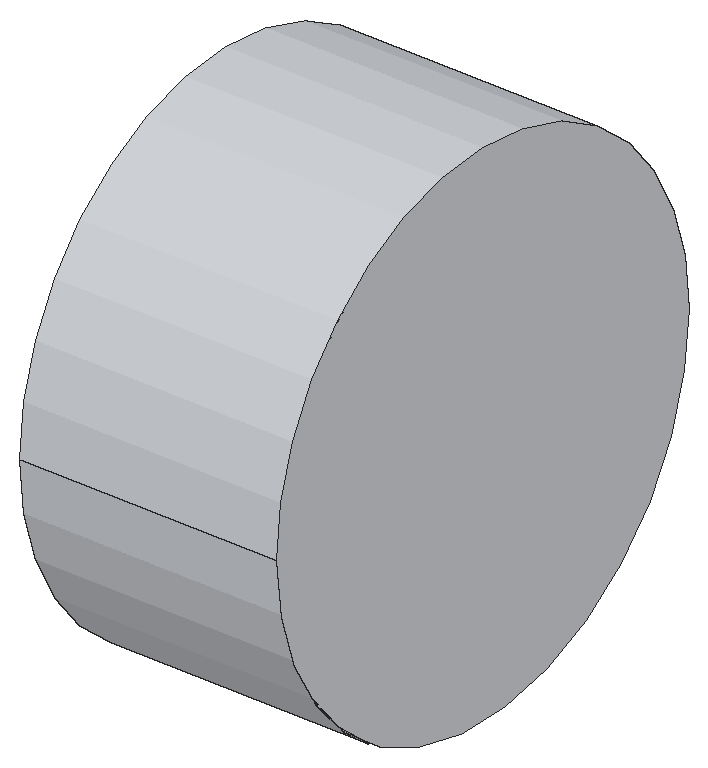
Revit family "M_Cobertura - Genérico", category Conexões de tubo, Revit 2019
Family settings
  Cota do conector redondo = Usar raio
  Tipo de parte = Cobertura
  Número OmniClass = 23.60.30.11.14
  Título OmniClass = Pipework Fittings
  ID de item do Seek = Cap - Generic-0000-CAN-ENU
  Com base no plano de trabalho = Não
  Sempre na vertical = Sim
  Corte com vazios quando carregada = Não
  Compartilhado = Não
Parameters (values of type "Padrão")
  Raio nominal [instance] = 12.5 mm
  Diâmetro nominal [instance] = Raio nominal * 2  # 25 mm
  Método de perda = Não definido
  Nome da tabela de pesquisa = "M_Pipe Fitting - Generic"
  Altura [instance] = Raio externo da conexão  # 14.288 mm
  Raio externo da conexão [instance] = Diâmetro externo da conexão / 2  # 14.288 mm
  Diâmetro externo da conexão [instance] = size_lookup(Nome da tabela de pesquisa, "FOD", Diâmetro nominal + 3.175 mm, Diâmetro nominal)  # 28.575 mm
Reference planes
  plane 1 "Centro (Frente/Trás)": y = 0
  plane 2: z = 0
  plane 3 "Centro (Esquerda/Direita)": x = 0
  plane 4: x = 14.288
  plane 5: y = 14.287
  plane 6: y = -14.288
Forms (mm)
  Extrusion 1, solid, detail levels fine
    sketch origin (0, 0, 0) x (0, 1, 0) y (0, 0, 1)
      loop
        circle (0, 0) r 14.288
    from 0 to 14.288
Lines and regions (mm)
  model lines, detail levels coarse+medium
    curve 1: line (0, 14.287, 0) -> (14.288, 14.287, 0)
    curve 2: line (0, -14.288, 0) -> (14.288, -14.288, 0)
    curve 3: line (14.288, 14.287, 0) -> (14.288, -14.288, 0)
Dimensions and locks
  "Altura": plane 3 "Centro (Esquerda/Direita)" to plane 4
  "Raio externo da conexão": plane 5 to plane 1 "Centro (Frente/Trás)"
  "Raio externo da conexão": plane 1 "Centro (Frente/Trás)" to plane 6
  "Raio externo da conexão": radius of Extrusion 1 sketch curve
  aligned and locked: plane 1 "Centro (Frente/Trás)" to Extrusion 1 sketch curve
  aligned and locked: plane 2 to Extrusion 1 sketch curve
  aligned and locked: Extrusion 1 to plane 3 "Centro (Esquerda/Direita)"
  aligned and locked: plane 4 to Extrusion 1
  aligned and locked: plane 3 "Centro (Esquerda/Direita)" to curve 1
  aligned and locked: plane 3 "Centro (Esquerda/Direita)" to curve 2
  aligned and locked: plane 4 to curve 2
  aligned and locked: curve 2 to plane 6
  aligned and locked: curve 1 to plane 5
  aligned and locked: plane 6 to curve 3
  aligned and locked: plane 5 to curve 3
  aligned and locked: curve 3 to plane 4
Connectors
  piping at (0, 0, 0), diameter 25, driven by "Raio nominal"
    settings: on Extrusion 1, index 1, connector inside diameter 25 mm, connector length 0 mm, flow factor 0, pipe flow 0.0 L/s, pressure drop 0.0 Pa, fitting loss kfactor 0, connector angle 0.00°, fixture units 0, engagement length 0 mm, angle of deflection 0.00°, flow configuration 0, flow direction 0, fitting loss method 0, system type 28, joint type 0, gender type 0, connector reference index -1, connector utility 0, adjustable connector no, is connector primary yes, connector description ""
